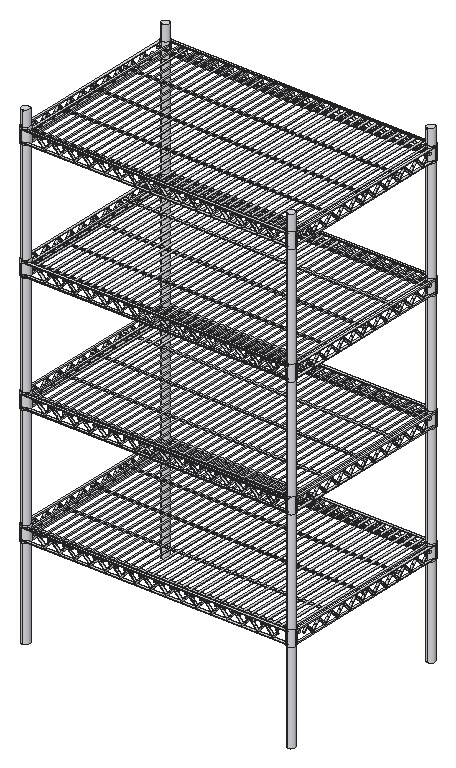
Revit family "Wire_Shelving-Salsbury_Industries-Stationary_Units_36_Wide", category Specialty Equipment, Revit 2016
Family settings
  Part Type = Normal
  Round Connector Dimension = Use Diameter
  OmniClass Number = 23.40.00.00
  OmniClass Title = Equipment and Furnishings
  Work Plane-Based = No
  Always vertical = Yes
  Cut with Voids When Loaded = No
  Shared = No
  Room Calculation Point = No
Parameters (values of type "9534S")
  Width = 36.000"
  Version = "1.0 (07/31/19)"
  URL = "www.lockers.com"
  Type Comments = "Stationary Wire Shelving"
  Shelf 4 = Wire_Shelving-Shelves : 9134
  Shelf 3 = Wire_Shelving-Shelves : 9134
  Shelf 2 = Wire_Shelving-Shelves : 9134
  Shelf 1 = Wire_Shelving-Shelves : 9134
  Primary Material [instance] = Stainless Steel - Salsbury Finish - Chrome Plated
  OmniClass 23 Title = "Equipment and Furnishings"
  OmniClass 23 Number = "23.40.00.00"
  Model = "9534S"
  MasterFormat Title = "Storage Assemblies"
  MasterFormat Number = "10 56 23"
  Manufacturer = "Salsbury Industries"
  Height = 63.000"
  Description = "36\" Wide - 63\" High - 24\" Deep - Certified by the National Sanitation Foundation (NSF)"
  Depth = 24.000"
  Assembly Description = "Shelving"
  Assembly Code = "C1030320"
Types (5): name | Shelf 4 | Shelf 3 | Shelf 2 | Shelf 1 | Model | Height | Description | Depth
  (no name) | Wire_Shelving-Shelves : 9134 | Wire_Shelving-Shelves : 9134 | Wire_Shelving-Shelves : 9134 | Wire_Shelving-Shelves : 9134 | "9534S" | 63.000" | "36\" Wide - 63\" High - 24\" Deep - Certified by the National Sanitation Foundation (NSF)" | 24.000"
  9538S | Wire_Shelving-Shelves : 9138 | Wire_Shelving-Shelves : 9138 | Wire_Shelving-Shelves : 9138 | Wire_Shelving-Shelves : 9138 | "9538S" | 63.000" | "36\" Wide - 63\" High - 18\" Deep - Certified by the National Sanitation Foundation (NSF)" | 18.000"
  9534S | Wire_Shelving-Shelves : 9134 | Wire_Shelving-Shelves : 9134 | Wire_Shelving-Shelves : 9134 | Wire_Shelving-Shelves : 9134 | "9534S" | 63.000" | "36\" Wide - 63\" High - 24\" Deep - Certified by the National Sanitation Foundation (NSF)" | 24.000"
  9634S | Wire_Shelving-Shelves : 9134 | Wire_Shelving-Shelves : 9134 | Wire_Shelving-Shelves : 9134 | Wire_Shelving-Shelves : 9134 | "9634S" | 74.000" | "36\" Wide - 74\" High - 24\" Deep - Certified by the National Sanitation Foundation (NSF)" | 24.000"
  9638S | Wire_Shelving-Shelves : 9138 | Wire_Shelving-Shelves : 9138 | Wire_Shelving-Shelves : 9138 | Wire_Shelving-Shelves : 9138 | "9638S" | 74.000" | "36\" Wide - 74\" High - 18\" Deep - Certified by the National Sanitation Foundation (NSF)" | 18.000"
Reference planes (in)
  plane 1 "Center (Front/Back)": y = 0
  plane 2: z = 0
  plane 3 "Center (Left/Right)": x = 0
  plane 4 "Bottom": z = 0
  plane 5: z = 31.5
  plane 6: z = 63
  plane 7: x = 18
  plane 8: x = -18
  plane 9: y = -12
  plane 10: y = 12
  plane 11 "Shelf 4": z = 14
  plane 12 "Shelf 3": z = 29.66667
  plane 13 "Shelf 2": z = 45.33333
  plane 14 "Shelf 1": z = 61
  plane 15: x = 17.5
  plane 16: x = -17.5
  plane 17: y = 11.5
  plane 18: y = -11.5
  plane 19: x = -17
  plane 20: x = 17
  plane 21: y = -11
  plane 22: y = 11
Forms (in)
  Extrusion 1, solid, material "Stainless Steel - Salsbury Finish - Chrome Plated" <- "Primary Material"
    sketch origin (0, 0, 0) x (0, -1, 0) y (1, 0, 0)
      loop
        circle (-11.5, -17.5) r 0.5
      loop
        circle (11.5, -17.5) r 0.5
      loop
        circle (-11.5, 17.5) r 0.5
      loop
        circle (11.5, 17.5) r 0.5
    from 0 to 63
Lines and regions (in)
  symbolic lines
    curve 1: line (-18, 0, 63) -> (-17, 0, 63)
    curve 2: line (-18, 0, 0) -> (-18, 0, 63)
    curve 3: line (-17, 0, 0) -> (-18, 0, 0)
    curve 4: line (-17, 0, 63) -> (-17, 0, 0)
    curve 5: line (17, 0, 63) -> (18, 0, 63)
    curve 6: line (17, 0, 0) -> (17, 0, 63)
    curve 7: line (18, 0, 0) -> (17, 0, 0)
    curve 8: line (18, 0, 63) -> (18, 0, 0)
    curve 9: line (0, -12, 63) -> (0, -11, 63)
    curve 10: line (0, -12, 0) -> (0, -12, 63)
    curve 11: line (0, -11, 0) -> (0, -12, 0)
    curve 12: line (0, -11, 63) -> (0, -11, 0)
    curve 13: line (0, 11, 63) -> (0, 12, 63)
    curve 14: line (0, 11, 0) -> (0, 11, 63)
    curve 15: line (0, 12, 0) -> (0, 11, 0)
    curve 16: line (0, 12, 63) -> (0, 12, 0)
Dimensions and locks (in)
  equal spacing: plane 6, plane 5, plane 4 "Bottom"
  "Height": plane 6 to plane 4 "Bottom"
  equal spacing: plane 9, plane 1 "Center (Front/Back)", plane 10
  "Depth": plane 9 to plane 10
  equal spacing: plane 8, plane 3 "Center (Left/Right)", plane 7
  "Width": plane 8 to plane 7
  plane 8 to plane 16 = 0.500"
  plane 15 to plane 7 = 0.500"
  plane 17 to plane 10 = 0.500"
  plane 9 to plane 18 = 0.500"
  equal spacing: plane 14 "Shelf 1", plane 13 "Shelf 2", plane 12 "Shelf 3", plane 11 "Shelf 4"
  locked: plane 6 to plane 14 "Shelf 1" at 2
  locked: plane 11 "Shelf 4" to plane 4 "Bottom" at 14
  locked: plane 19 to plane 8 at 1
  locked: plane 20 to plane 7 at 1
  locked: plane 9 to plane 21 at 1
  locked: plane 22 to plane 10 at 1
  aligned and locked: level to plane 2
  aligned and locked: plane 4 "Bottom" to plane 2
  aligned and locked: plane 17 to Extrusion 1 sketch curve  (x2)
  aligned and locked: plane 16 to Extrusion 1 sketch curve  (x2)
  aligned and locked: plane 18 to Extrusion 1 sketch curve  (x2)
  aligned and locked: plane 15 to Extrusion 1 sketch curve  (x2)
  aligned and locked: plane 4 "Bottom" to Extrusion 1
  aligned and locked: Extrusion 1 to plane 6
  aligned and locked: plane 16 to nested 1
  aligned and locked: plane 18 to nested 1
  aligned and locked: plane 11 "Shelf 4" to nested 1
  aligned and locked: plane 18 to nested 2
  aligned and locked: plane 16 to nested 2
  aligned and locked: plane 12 "Shelf 3" to nested 2
  aligned and locked: plane 16 to nested 4
  aligned and locked: plane 18 to nested 4
  aligned and locked: plane 16 to nested 3
  aligned and locked: plane 18 to nested 3
  aligned and locked: plane 13 "Shelf 2" to nested 3
  aligned and locked: plane 14 "Shelf 1" to nested 4
  aligned and locked: curve 3 to plane 4 "Bottom"
  aligned and locked: curve 2 to plane 8
  aligned and locked: plane 6 to curve 1
  aligned and locked: curve 4 to plane 19
  aligned and locked: curve 7 to plane 4 "Bottom"
  aligned and locked: plane 20 to curve 6
  aligned and locked: plane 7 to curve 8
  aligned and locked: plane 6 to curve 5
  aligned and locked: curve 11 to plane 4 "Bottom"
  aligned and locked: curve 12 to plane 21
  aligned and locked: curve 10 to plane 9
  aligned and locked: plane 6 to curve 9
  aligned and locked: plane 6 to curve 13
  aligned and locked: plane 22 to curve 14
  aligned and locked: plane 10 to curve 16
  aligned and locked: curve 15 to plane 4 "Bottom"
Automatic sketch dimensions
  radius of Extrusion 1 sketch curve = 0.500"  (x4)
Nested families (in)
  nested 1: "Wire_Shelving-Shelves" at (0, 0, 12), type <- "Shelf 4", type "9134"
  nested 2: "Wire_Shelving-Shelves" at (0, 0, 27.66667), type <- "Shelf 3", type "9134"
  nested 3: "Wire_Shelving-Shelves" at (0, 0, 43.33333), type <- "Shelf 2", type "9134"
  nested 4: "Wire_Shelving-Shelves" at (0, 0, 59), type <- "Shelf 1", type "9134"
Definition of nested family "Wire_Shelving-Shelves"
  Parameters (values of type "9154")
    Wire Support Array = 5
    Wire Platform Support Spacing = 5.403"
    Wire Platform Spacing = 1.003"
    Wire Platform Array - Long Edge = 57
    Wire Pattern Spacing = 2.00818"
    Wire Pattern Offset = 3.500"
    Wire Pattern Array - Short Edge = 10
    Wire Pattern Array - Long Edge = 28
    Wire Bar Depth = Depth + 0.158"  # 24.158"
    Width = 60.000"
    Type Comments = "Shelf for Wire Shelving"
    Primary Material = none
    Model = "9154"
    Manufacturer = "Salsbury Industries"
    Height = 2.000"
    Description = "60\" Wide - 24\" Deep"
    Depth = 24.000"
  Types (6): name | Wire Support Array | Wire Platform Support Spacing | Wire Platform Array - Long Edge | Wire Pattern Array - Short Edge | Wire Pattern Array - Long Edge | Wire Bar Depth | Width | Model | Description | Depth
    9154 | 5 | 5.403" | 57 | 10 | 28 | 24.158" | 60.000" | "9154" | "60\" Wide - 24\" Deep" | 24.000"
    9144 | 5 | 5.403" | 45 | 10 | 22 | 24.158" | 48.000" | "9144" | "48\" Wide - 24\" Deep" | 24.000"
    9134 | 5 | 5.403" | 33 | 10 | 16 | 24.158" | 36.000" | "9134" | "36\" Wide - 24\" Deep" | 24.000"
    9138 | 4 | 5.205" | 33 | 7 | 16 | 18.158" | 36.000" | "9138" | "36\" Wide - 18\" Deep" | 18.000"
    9148 | 4 | 5.205" | 45 | 7 | 22 | 18.158" | 48.000" | "9148" | "48\" Wide - 18\" Deep" | 18.000"
    9158 | 4 | 5.205" | 57 | 7 | 28 | 18.158" | 60.000" | "9158" | "60\" Wide - 18\" Deep" | 18.000"
  Reference planes (in)
    plane 1 "Center (Front/Back)": y = 0
    plane 2: z = 0
    plane 3 "Center (Left/Right)": x = 0
    plane 4 "Bottom": z = 0
    plane 5: z = 1
    plane 6: z = 2
    plane 7: x = 30
    plane 8: x = -30
    plane 9: y = -12
    plane 10: y = 12
    plane 11: x = 29.5
    plane 12: x = -29.5
    plane 13: y = 11.5
    plane 14: y = -11.5
    plane 15: y = -12.079
    plane 16: y = 12.079
    plane 17: x = -30.079
    plane 18: x = 30.079
    plane 19 "Frame - upper": z = 1.775
    plane 20 "Frame-lower": z = 0.225
    plane 21: y = 11.966
    plane 22: y = -11.966
    plane 23: x = 29.966
    plane 24: x = -29.966
    plane 25: y = 11.853
    plane 26: x = 29.70546
    plane 27: x = 29.853
    plane 28: x = -29.853
    plane 29: y = -11.853
    plane 30: z = 1.662
    plane 31: z = 0.338
    plane 32: x = -26.579
    plane 33: x = -24.57082
    plane 34: y = -8.579
    plane 35: y = -6.57082
    plane 36: x = -28.04134
    plane 37: x = -27.03834
    plane 38: x = -29.034
    plane 39: z = 1.54896
    plane 40: x = 29.03397
    plane 41: y = -10.80869
    plane 42: z = 1.32294
    plane 43: y = 10.809
    plane 44: y = -5.40569
    plane 45: y = 10.921
    plane 46: y = -10.921
    plane 47: z = 0.11134
    plane 48: z = 1.889
    plane 49: x = -28.921
    plane 50: x = 28.921
    plane 51: x = 29.14697
    plane 52: x = -29.147
  Forms (in)
    Extrusion 1, solid, material <- "Primary Material"
      sketch origin (0, 0, 0) x (0, -1, 0) y (1, 0, 0)
        loop
          circle (-11.5, -29.5) r 0.5
        loop
          circle (11.5, -29.5) r 0.5
        loop
          circle (-11.5, 29.5) r 0.5
        loop
          circle (11.5, 29.5) r 0.5
        loop
          circle (-11.5, 29.5) r 0.579
        loop
          circle (11.5, 29.5) r 0.579
        loop
          circle (-11.5, -29.5) r 0.579
        loop
          circle (11.5, -29.5) r 0.579
      from 0 to 2
    Extrusion 2, solid, material <- "Primary Material"
      sketch origin (0, 0.03743, 0) x (0, 1, 0) y (0, 0, 1)
        loop
          circle (11.92857, 1.775) r 0.113
        loop
          circle (11.92857, 0.225) r 0.113
        loop
          circle (-12.00343, 1.775) r 0.113
        loop
          circle (-12.00343, 0.225) r 0.113
      from -29.5 to 29.5
    Extrusion 3, solid, material <- "Primary Material"
      sketch origin (0, 0, 0) x (1, 0, 0) y (0, 0, 1)
        loop
          circle (-29.966, 1.775) r 0.113
        loop
          circle (-29.966, 0.225) r 0.113
        loop
          circle (29.966, 1.775) r 0.113
        loop
          circle (29.966, 0.225) r 0.113
      from -11.5 to 11.5
    Extrusion 4, solid, material <- "Primary Material"
      sketch origin (-0.13766, 0, -0.02103) x (1, 0, 0) y (0, 0, 1)
        loop
          circle (-28.89634, 1.56999) r 0.113
      from -11.5 to 11.5
    Extrusion 5, solid, material <- "Primary Material"
      sketch origin (0.13766, 0, -0.02103) x (-1, 0, 0) y (0, 0, -1)
        loop
          circle (-28.89631, -1.56999) r 0.113
      from -11.5 to 11.5
    Extrusion 6, void
      sketch origin (0, 0, 0) x (0, -1, 0) y (1, 0, 0)
        loop
          circle (-11.5, -29.5) r 0.5
        loop
          circle (11.5, -29.5) r 0.5
        loop
          circle (-11.5, 29.5) r 0.5
        loop
          circle (11.5, 29.5) r 0.5
      from 0 to 2
  Cuts and joins
    Extrusion 6 cuts Extrusion 1
    Extrusion 6 cuts Extrusion 2
    Extrusion 6 cuts Extrusion 3
    Extrusion 6 cuts Extrusion 4
    Extrusion 6 cuts Extrusion 5
  Lines and regions (in)
    symbolic lines
      curve 1: circle (-29.5, 11.5, 0) r 0.579 normal (0, 0, -1)
      curve 2: circle (-29.5, -11.5, 0) r 0.579 normal (0, 0, -1)
      curve 3: circle (29.5, -11.5, 0) r 0.579 normal (0, 0, -1)
      curve 4: circle (29.5, 11.5, 0) r 0.579 normal (0, 0, -1)
      curve 5: line (29.5, 12.079, 0) -> (-29.5, 12.079, 0)
      curve 6: line (29.03397, 11.853, 0) -> (-29.034, 11.853, 0)
      curve 7: line (29.5, -12.079, 0) -> (-29.5, -12.079, 0)
      curve 8: line (29.03397, -11.853, 0) -> (-29.034, -11.853, 0)
      curve 9: line (30.079, -11.5, 0) -> (30.079, 11.5, 0)
      curve 10: line (29.853, -10.80869, 0) -> (29.853, 10.809, 0)
      curve 11: line (-30.079, -11.5, 0) -> (-30.079, 11.5, 0)
      curve 12: line (-29.853, -10.80869, 0) -> (-29.853, 10.809, 0)
      curve 13: line (0, 10.921, 2) -> (0, 12.079, 2)
      curve 14: line (0, 10.921, 0) -> (0, 10.921, 2)
      curve 15: line (0, 12.079, 0) -> (0, 10.921, 0)
      curve 16: line (0, 12.079, 2) -> (0, 12.079, 0)
      curve 17: line (0, -12.079, 2) -> (0, -10.921, 2)
      curve 18: line (0, -12.079, 0) -> (0, -12.079, 2)
      curve 19: line (0, -10.921, 0) -> (0, -12.079, 0)
      curve 20: line (0, -10.921, 2) -> (0, -10.921, 0)
      curve 21: line (0, -10.921, 0.11134) -> (0, 10.921, 0.11134)
      curve 22: line (0, 10.921, 0.338) -> (0, -10.921, 0.338)
      curve 23: line (0, 10.921, 1.889) -> (0, -10.921, 1.889)
      curve 24: line (0, 10.921, 1.662) -> (0, -10.921, 1.662)
      curve 25: line (-30.079, 0, 2) -> (-28.921, 0, 2)
      curve 26: line (-30.079, 0, 0) -> (-30.079, 0, 2)
      curve 27: line (-28.921, 0, 0) -> (-30.079, 0, 0)
      curve 28: line (-28.921, 0, 2) -> (-28.921, 0, 0)
      curve 29: line (28.921, 0, 2) -> (30.079, 0, 2)
      curve 30: line (28.921, 0, 0) -> (28.921, 0, 2)
      curve 31: line (30.079, 0, 0) -> (28.921, 0, 0)
      curve 32: line (30.079, 0, 2) -> (30.079, 0, 0)
      curve 33: line (28.921, 0, 1.889) -> (-28.921, 0, 1.889)
      curve 34: line (28.921, 0, 1.662) -> (-28.921, 0, 1.662)
      curve 35: line (28.921, 0, 0.338) -> (-28.921, 0, 0.338)
      curve 36: line (28.921, 0, 0.11134) -> (-28.921, 0, 0.11134)
      curve 39: line (29.14697, 10.921, 0) -> (29.14697, -10.921, 0)
      curve 40: line (28.921, -11.5, 0) -> (28.921, 11.5, 0)
      curve 41: line (-29.147, -10.921, 0) -> (-29.147, 10.921, 0)
      curve 42: line (-28.921, -11.5, 0) -> (-28.921, 11.5, 0)
    reference lines
      curve 37: line (-30, -11.5, 0) -> (-29, -11.5, 0)
      curve 38: line (-29.5, -11, 0) -> (-29.5, -12, 0)
  Dimensions and locks (in)
    equal spacing: plane 6, plane 5, plane 4 "Bottom"
    "Height": plane 6 to plane 4 "Bottom"
    equal spacing: plane 9, plane 1 "Center (Front/Back)", plane 10
    "Depth": plane 9 to plane 10
    equal spacing: plane 8, plane 3 "Center (Left/Right)", plane 7
    "Width": plane 8 to plane 7
    locked: plane 8 to plane 12 at 0.5
    locked: plane 11 to plane 7 at 0.5
    locked: plane 13 to plane 10 at 0.5
    locked: plane 9 to plane 14 at 0.5
    locked: plane 10 to plane 16 at 0.079
    locked: plane 15 to plane 9 at 0.079
    locked: plane 17 to plane 8 at 0.079
    locked: plane 7 to plane 18 at 0.079
    locked: plane 20 "Frame-lower" to plane 4 "Bottom" at 0.225
    locked: plane 6 to plane 19 "Frame - upper" at 0.225
    locked: plane 21 to plane 10 at 0.034
    locked: plane 9 to plane 22 at 0.034
    locked: plane 23 to plane 7 at 0.034
    locked: plane 8 to plane 24 at 0.034
    locked: plane 16 to plane 25 at 0.226
    locked: plane 27 to plane 18 at 0.226
    locked: plane 17 to plane 28 at 0.226
    locked: plane 15 to plane 29 at 0.226
    locked: plane 6 to plane 30 at 0.338
    locked: plane 31 to plane 4 "Bottom" at 0.338
    "Wire Pattern Offset": plane 17 to plane 32
    equal spacing: group 1, group 2, group 3, group 4, group 5, group 6, group 7, group 8, group 9, group 10, group 11, group 12, group 13, group 14, group 15, group 16, group 84, group 85, group 86, group 87, group 88, group 89, group 108, group 109, group 110, group 111, group 112, group 113  (x3)
    "Wire Pattern Spacing": plane 32 to plane 33
    equal spacing: group 17, group 18, group 19, group 20, group 21, group 22, group 23, group 24, group 25, group 26, group 27, group 28, group 29, group 30, group 31, group 32, group 90, group 91, group 92, group 93, group 94, group 95, group 114, group 115, group 116, group 117, group 118, group 119  (x3)
    "Wire Pattern Offset": plane 15 to plane 34
    "Wire Pattern Spacing": plane 34 to plane 35
    equal spacing: group 33, group 34, group 35, group 39, group 40, group 41, group 42, group 132, group 133, group 134  (x3)
    equal spacing: group 36, group 37, group 38, group 43, group 44, group 45, group 46, group 135, group 136, group 137  (x3)
    locked: plane 36 to plane 17 at 2.03766
    "Wire Platform Spacing": plane 37 to plane 36
    equal spacing: group 47, group 48, group 49, group 50, group 51, group 52, group 53, group 54, group 55, group 56, group 57, group 58, group 59, group 60, group 61, group 62, group 63, group 64, group 65, group 66, group 67, group 68, group 69, group 70, group 71, group 72, group 73, group 74, group 75, group 76, group 77, group 78, group 79, group 96, group 97, group 98, group 99, group 100, group 101, group 102, group 103, group 104, group 105, group 106, group 107, group 120, group 121, group 122, group 123, group 124, group 125, group 126, group 127, group 128, group 129, group 130, group 131  (x3)
    locked: plane 6 to plane 39 at 0.45104
    locked: plane 17 to plane 38 at 1.045
    locked: plane 40 to plane 18 at 1.04503
    locked: plane 42 to plane 6 at 0.67706
    locked: plane 15 to plane 41 at 1.27031
    plane 43 to plane 16 = 1.270"
    equal spacing: group 80, group 81, group 82, group 83, group 138  (x3)
    "Wire Platform Support Spacing": plane 41 to plane 44
    locked: plane 45 to plane 16 at 1.158
    locked: plane 15 to plane 46 at 1.158
    locked: plane 4 "Bottom" to plane 47 at 0.11134
    locked: plane 48 to plane 6 at 0.111
    locked: plane 49 to plane 38 at 0.113
    locked: plane 40 to plane 50 at 0.11297
    locked: plane 50 to plane 51 at 0.22597
    locked: plane 52 to plane 49 at 0.226
    aligned and locked: level to plane 2
    aligned and locked: plane 4 "Bottom" to plane 2
    aligned and locked: plane 13 to Extrusion 1 sketch curve  (x4)
    aligned and locked: plane 12 to Extrusion 1 sketch curve  (x4)
    aligned and locked: plane 14 to Extrusion 1 sketch curve  (x4)
    aligned and locked: plane 11 to Extrusion 1 sketch curve  (x4)
    aligned and locked: plane 4 "Bottom" to Extrusion 1
    aligned and locked: Extrusion 1 to plane 6
    aligned and locked: plane 19 "Frame - upper" to Extrusion 2 sketch curve  (x2)
    aligned and locked: Extrusion 2 to plane 11
    aligned and locked: plane 12 to Extrusion 2
    aligned and locked: plane 21 to Extrusion 2 sketch curve  (x2)
    aligned and locked: plane 20 "Frame-lower" to Extrusion 2 sketch curve  (x2)
    aligned and locked: plane 22 to Extrusion 2 sketch curve  (x2)
    aligned and locked: plane 24 to Extrusion 3 sketch curve  (x2)
    aligned and locked: plane 20 "Frame-lower" to Extrusion 3 sketch curve  (x2)
    aligned and locked: plane 19 "Frame - upper" to Extrusion 3 sketch curve  (x2)
    aligned and locked: plane 23 to Extrusion 3 sketch curve  (x2)
    aligned and locked: plane 14 to Extrusion 3
    aligned and locked: Extrusion 3 to plane 13
    aligned and locked: nested 1 to plane 30
    aligned and locked: plane 22 to nested 1
    aligned and locked: nested 1 to plane 32
    aligned and locked: plane 22 to nested 2
    aligned and locked: nested 2 to plane 30
    aligned and locked: nested 2 to plane 33
    aligned and locked: nested 17 to plane 32
    aligned and locked: nested 18 to plane 33
    aligned and locked: nested 17 to plane 30
    aligned and locked: nested 18 to plane 30
    aligned and locked: plane 21 to nested 17
    aligned and locked: plane 21 to nested 18
    aligned and locked: nested 33 to plane 23
    aligned and locked: nested 33 to plane 34
    aligned and locked: nested 33 to plane 30
    aligned and locked: nested 34 to plane 23
    aligned and locked: nested 34 to plane 30
    aligned and locked: nested 34 to plane 35
    aligned and locked: nested 36 to plane 34
    aligned and locked: nested 37 to plane 35
    aligned and locked: nested 36 to plane 30
    aligned and locked: nested 37 to plane 30
    aligned and locked: nested 36 to plane 24
    aligned and locked: nested 37 to plane 24
    aligned and locked: plane 36 to nested 47
    aligned and locked: nested 47 to plane 30
    aligned and locked: plane 15 to nested 47
    aligned and locked: nested 48 to plane 30
    aligned and locked: plane 37 to nested 48
    aligned and locked: plane 15 to nested 48
    aligned and locked: plane 38 to Extrusion 4 sketch curve
    aligned and locked: plane 39 to Extrusion 4 sketch curve
    aligned and locked: plane 40 to Extrusion 5 sketch curve
    aligned and locked: plane 39 to Extrusion 5 sketch curve
    aligned and locked: Extrusion 4 to plane 13
    aligned and locked: plane 14 to Extrusion 4
    aligned and locked: Extrusion 5 to plane 13
    aligned and locked: plane 14 to Extrusion 5
    aligned and locked: plane 42 to nested 80
    aligned and locked: plane 41 to nested 80
    aligned and locked: nested 81 to plane 44
    aligned and locked: plane 42 to nested 81
    aligned and locked: plane 8 to nested 80
    aligned and locked: plane 8 to nested 81
    aligned and locked: plane 13 to Extrusion 6 sketch curve  (x2)
    aligned and locked: plane 12 to Extrusion 6 sketch curve  (x2)
    aligned and locked: plane 14 to Extrusion 6 sketch curve  (x2)
    aligned and locked: plane 11 to Extrusion 6 sketch curve  (x2)
    aligned and locked: Extrusion 6 to level
    aligned and locked: plane 11 to curve 5
    aligned and locked: plane 12 to curve 5
    aligned and locked: plane 40 to curve 6
    aligned and locked: plane 38 to curve 6
    aligned and locked: plane 25 to curve 6
    aligned and locked: curve 5 to plane 16
    aligned and locked: plane 11 to curve 7
    aligned and locked: plane 12 to curve 7
    aligned and locked: plane 40 to curve 8
    aligned and locked: plane 38 to curve 8
    aligned and locked: curve 8 to plane 29
    aligned and locked: curve 7 to plane 15
    aligned and locked: plane 14 to curve 9
    aligned and locked: plane 13 to curve 9
    aligned and locked: plane 41 to curve 10
    aligned and locked: plane 43 to curve 10
    aligned and locked: plane 27 to curve 10
    aligned and locked: curve 9 to plane 18
    aligned and locked: plane 14 to curve 11
    aligned and locked: plane 13 to curve 11
    aligned and locked: plane 41 to curve 12
    aligned and locked: plane 43 to curve 12
    aligned and locked: curve 11 to plane 17
    aligned and locked: plane 28 to curve 12
    aligned and locked: plane 45 to curve 14
    aligned and locked: plane 16 to curve 16
    aligned and locked: plane 6 to curve 13
    aligned and locked: curve 15 to plane 4 "Bottom"
    aligned and locked: curve 20 to plane 46
    aligned and locked: curve 18 to plane 15
    aligned and locked: plane 6 to curve 17
    aligned and locked: curve 19 to plane 4 "Bottom"
    aligned and locked: plane 46 to curve 21
    aligned and locked: plane 45 to curve 21
    aligned and locked: curve 21 to plane 47
    aligned and locked: plane 31 to curve 22
    aligned and locked: plane 45 to curve 23
    aligned and locked: curve 23 to plane 48
    aligned and locked: plane 46 to curve 24
    aligned and locked: plane 30 to curve 24
    aligned and locked: curve 28 to plane 49
    aligned and locked: curve 26 to plane 17
    aligned and locked: plane 6 to curve 25
    aligned and locked: curve 27 to plane 4 "Bottom"
    aligned and locked: plane 6 to curve 29
    aligned and locked: curve 31 to plane 4 "Bottom"
    aligned and locked: plane 18 to curve 32
    aligned and locked: plane 49 to curve 36
    aligned and locked: plane 49 to curve 35
    aligned and locked: plane 50 to curve 35
    aligned and locked: plane 31 to curve 35
    aligned and locked: plane 50 to curve 36
    aligned and locked: curve 36 to plane 47
    aligned and locked: plane 30 to curve 34
    aligned and locked: plane 50 to curve 33
    aligned and locked: curve 33 to plane 48
    aligned and locked: plane 14 to curve 37
    aligned and locked: plane 12 to curve 38
    aligned and locked: plane 45 to curve 39
    aligned and locked: plane 46 to curve 39
    aligned and locked: curve 39 to plane 51
    aligned and locked: plane 14 to curve 40
    aligned and locked: plane 13 to curve 40
    aligned and locked: plane 50 to curve 40
    aligned and locked: plane 46 to curve 41
    aligned and locked: plane 45 to curve 41
    aligned and locked: plane 52 to curve 41
    aligned and locked: plane 14 to curve 42
    aligned and locked: plane 13 to curve 42
    aligned and locked: plane 49 to curve 42
  Automatic sketch dimensions
    plane 9 to curve 38 = 0.000"
    curve 37 to plane 8 = 0.000"
    curve 38 to plane 46 = 0.079"
    plane 38 to curve 37 = 0.034"
    radius of Extrusion 1 sketch curve = 0.500"  (x4)
    radius of Extrusion 1 sketch curve = 0.579"  (x4)
    radius of Extrusion 2 sketch curve = 0.113"  (x4)
    radius of Extrusion 3 sketch curve = 0.113"  (x4)
    radius of Extrusion 4 sketch curve = 0.113"
    radius of Extrusion 5 sketch curve = 0.113"
    radius of Extrusion 6 sketch curve = 0.500"  (x4)
  Nested families (in)
    nested 1: "Wire Pattern" at (-26.579, -11.966, 0.338), Wire Material <- "Primary Material", type "Wire Pattern"
      with Wire Material none
    nested 2: "Wire Pattern" at (-24.57082, -11.966, 0.338), Wire Material <- "Primary Material", type "Wire Pattern"
      with Wire Material none
    nested 3: "Wire Pattern" at (-22.56263, -11.966, 0.338), Wire Material <- "Primary Material", type "Wire Pattern"
      with Wire Material none
    nested 4: "Wire Pattern" at (-20.55445, -11.966, 0.338), Wire Material <- "Primary Material", type "Wire Pattern"
      with Wire Material none
    nested 5: "Wire Pattern" at (-18.54627, -11.966, 0.338), Wire Material <- "Primary Material", type "Wire Pattern"
      with Wire Material none
    nested 6: "Wire Pattern" at (-16.53808, -11.966, 0.338), Wire Material <- "Primary Material", type "Wire Pattern"
      with Wire Material none
    nested 7: "Wire Pattern" at (-14.5299, -11.966, 0.338), Wire Material <- "Primary Material", type "Wire Pattern"
      with Wire Material none
    nested 8: "Wire Pattern" at (-12.52172, -11.966, 0.338), Wire Material <- "Primary Material", type "Wire Pattern"
      with Wire Material none
    nested 9: "Wire Pattern" at (-10.51353, -11.966, 0.338), Wire Material <- "Primary Material", type "Wire Pattern"
      with Wire Material none
    nested 10: "Wire Pattern" at (-8.50535, -11.966, 0.338), Wire Material <- "Primary Material", type "Wire Pattern"
      with Wire Material none
    nested 11: "Wire Pattern" at (-6.49717, -11.966, 0.338), Wire Material <- "Primary Material", type "Wire Pattern"
      with Wire Material none
    nested 12: "Wire Pattern" at (-4.48898, -11.966, 0.338), Wire Material <- "Primary Material", type "Wire Pattern"
      with Wire Material none
    nested 13: "Wire Pattern" at (-2.4808, -11.966, 0.338), Wire Material <- "Primary Material", type "Wire Pattern"
      with Wire Material none
    nested 14: "Wire Pattern" at (-0.47262, -11.966, 0.338), Wire Material <- "Primary Material", type "Wire Pattern"
      with Wire Material none
    nested 15: "Wire Pattern" at (1.53557, -11.966, 0.338), Wire Material <- "Primary Material", type "Wire Pattern"
      with Wire Material none
    nested 16: "Wire Pattern" at (3.54375, -11.966, 0.338), Wire Material <- "Primary Material", type "Wire Pattern"
      with Wire Material none
    nested 17: "Wire Pattern" at (-26.579, 11.966, 0.338), Wire Material <- "Primary Material", type "Wire Pattern"
      with Wire Material none
    nested 18: "Wire Pattern" at (-24.57082, 11.966, 0.338), Wire Material <- "Primary Material", type "Wire Pattern"
      with Wire Material none
    nested 19: "Wire Pattern" at (-22.56263, 11.966, 0.338), Wire Material <- "Primary Material", type "Wire Pattern"
      with Wire Material none
    nested 20: "Wire Pattern" at (-20.55445, 11.966, 0.338), Wire Material <- "Primary Material", type "Wire Pattern"
      with Wire Material none
    nested 21: "Wire Pattern" at (-18.54627, 11.966, 0.338), Wire Material <- "Primary Material", type "Wire Pattern"
      with Wire Material none
    nested 22: "Wire Pattern" at (-16.53808, 11.966, 0.338), Wire Material <- "Primary Material", type "Wire Pattern"
      with Wire Material none
    nested 23: "Wire Pattern" at (-14.5299, 11.966, 0.338), Wire Material <- "Primary Material", type "Wire Pattern"
      with Wire Material none
    nested 24: "Wire Pattern" at (-12.52172, 11.966, 0.338), Wire Material <- "Primary Material", type "Wire Pattern"
      with Wire Material none
    nested 25: "Wire Pattern" at (-10.51353, 11.966, 0.338), Wire Material <- "Primary Material", type "Wire Pattern"
      with Wire Material none
    nested 26: "Wire Pattern" at (-8.50535, 11.966, 0.338), Wire Material <- "Primary Material", type "Wire Pattern"
      with Wire Material none
    nested 27: "Wire Pattern" at (-6.49717, 11.966, 0.338), Wire Material <- "Primary Material", type "Wire Pattern"
      with Wire Material none
    nested 28: "Wire Pattern" at (-4.48898, 11.966, 0.338), Wire Material <- "Primary Material", type "Wire Pattern"
      with Wire Material none
    nested 29: "Wire Pattern" at (-2.4808, 11.966, 0.338), Wire Material <- "Primary Material", type "Wire Pattern"
      with Wire Material none
    nested 30: "Wire Pattern" at (-0.47262, 11.966, 0.338), Wire Material <- "Primary Material", type "Wire Pattern"
      with Wire Material none
    nested 31: "Wire Pattern" at (1.53557, 11.966, 0.338), Wire Material <- "Primary Material", type "Wire Pattern"
      with Wire Material none
    nested 32: "Wire Pattern" at (3.54375, 11.966, 0.338), Wire Material <- "Primary Material", type "Wire Pattern"
      with Wire Material none
    nested 33: "Wire Pattern" at (29.966, -8.579, 0.338) x (0, 1, 0) z (0, 0, 1), Wire Material <- "Primary Material", type "Wire Pattern"
      with Wire Material none
    nested 34: "Wire Pattern" at (29.966, -6.57082, 0.338) x (0, 1, 0) z (0, 0, 1), Wire Material <- "Primary Material", type "Wire Pattern"
      with Wire Material none
    nested 35: "Wire Pattern" at (29.966, -4.56263, 0.338) x (0, 1, 0) z (0, 0, 1), Wire Material <- "Primary Material", type "Wire Pattern"
      with Wire Material none
    nested 36: "Wire Pattern" at (-29.966, -8.579, 0.338) x (0, 1, 0) z (0, 0, 1), Wire Material <- "Primary Material", type "Wire Pattern"
      with Wire Material none
    nested 37: "Wire Pattern" at (-29.966, -6.57082, 0.338) x (0, 1, 0) z (0, 0, 1), Wire Material <- "Primary Material", type "Wire Pattern"
      with Wire Material none
    nested 38: "Wire Pattern" at (-29.966, -4.56263, 0.338) x (0, 1, 0) z (0, 0, 1), Wire Material <- "Primary Material", type "Wire Pattern"
      with Wire Material none
    nested 39: "Wire Pattern" at (29.966, -2.55445, 0.338) x (0, 1, 0) z (0, 0, 1), Wire Material <- "Primary Material", type "Wire Pattern"
      with Wire Material none
    nested 40: "Wire Pattern" at (29.966, -0.54627, 0.338) x (0, 1, 0) z (0, 0, 1), Wire Material <- "Primary Material", type "Wire Pattern"
      with Wire Material none
    nested 41: "Wire Pattern" at (29.966, 1.46192, 0.338) x (0, 1, 0) z (0, 0, 1), Wire Material <- "Primary Material", type "Wire Pattern"
      with Wire Material none
    nested 42: "Wire Pattern" at (29.966, 3.4701, 0.338) x (0, 1, 0) z (0, 0, 1), Wire Material <- "Primary Material", type "Wire Pattern"
      with Wire Material none
    nested 43: "Wire Pattern" at (-29.966, -2.55445, 0.338) x (0, 1, 0) z (0, 0, 1), Wire Material <- "Primary Material", type "Wire Pattern"
      with Wire Material none
    nested 44: "Wire Pattern" at (-29.966, -0.54627, 0.338) x (0, 1, 0) z (0, 0, 1), Wire Material <- "Primary Material", type "Wire Pattern"
      with Wire Material none
    nested 45: "Wire Pattern" at (-29.966, 1.46192, 0.338) x (0, 1, 0) z (0, 0, 1), Wire Material <- "Primary Material", type "Wire Pattern"
      with Wire Material none
    nested 46: "Wire Pattern" at (-29.966, 3.4701, 0.338) x (0, 1, 0) z (0, 0, 1), Wire Material <- "Primary Material", type "Wire Pattern"
      with Wire Material none
    nested 47: "Wire Bar" at (-28.04134, -1.51629, 1.436) x (0, 1, 0) z (0, 0, 1), type "Wire Bar"
      with Width 24.158"
    nested 48: "Wire Bar" at (-27.03834, -1.51629, 1.436) x (0, 1, 0) z (0, 0, 1), type "Wire Bar"
      with Width 24.158"
    nested 49: "Wire Bar" at (-26.03534, -1.51629, 1.436) x (0, 1, 0) z (0, 0, 1), type "Wire Bar"
      with Width 24.158"
    nested 50: "Wire Bar" at (-25.03234, -1.51629, 1.436) x (0, 1, 0) z (0, 0, 1), type "Wire Bar"
      with Width 24.158"
    nested 51: "Wire Bar" at (-24.02934, -1.51629, 1.436) x (0, 1, 0) z (0, 0, 1), type "Wire Bar"
      with Width 24.158"
    nested 52: "Wire Bar" at (-23.02634, -1.51629, 1.436) x (0, 1, 0) z (0, 0, 1), type "Wire Bar"
      with Width 24.158"
    nested 53: "Wire Bar" at (-22.02334, -1.51629, 1.436) x (0, 1, 0) z (0, 0, 1), type "Wire Bar"
      with Width 24.158"
    nested 54: "Wire Bar" at (-21.02034, -1.51629, 1.436) x (0, 1, 0) z (0, 0, 1), type "Wire Bar"
      with Width 24.158"
    nested 55: "Wire Bar" at (-20.01734, -1.51629, 1.436) x (0, 1, 0) z (0, 0, 1), type "Wire Bar"
      with Width 24.158"
    nested 56: "Wire Bar" at (-19.01434, -1.51629, 1.436) x (0, 1, 0) z (0, 0, 1), type "Wire Bar"
      with Width 24.158"
    nested 57: "Wire Bar" at (-18.01134, -1.51629, 1.436) x (0, 1, 0) z (0, 0, 1), type "Wire Bar"
      with Width 24.158"
    nested 58: "Wire Bar" at (-17.00834, -1.51629, 1.436) x (0, 1, 0) z (0, 0, 1), type "Wire Bar"
      with Width 24.158"
    nested 59: "Wire Bar" at (-16.00534, -1.51629, 1.436) x (0, 1, 0) z (0, 0, 1), type "Wire Bar"
      with Width 24.158"
    nested 60: "Wire Bar" at (-15.00234, -1.51629, 1.436) x (0, 1, 0) z (0, 0, 1), type "Wire Bar"
      with Width 24.158"
    nested 61: "Wire Bar" at (-13.99934, -1.51629, 1.436) x (0, 1, 0) z (0, 0, 1), type "Wire Bar"
      with Width 24.158"
    nested 62: "Wire Bar" at (-12.99634, -1.51629, 1.436) x (0, 1, 0) z (0, 0, 1), type "Wire Bar"
      with Width 24.158"
    nested 63: "Wire Bar" at (-11.99334, -1.51629, 1.436) x (0, 1, 0) z (0, 0, 1), type "Wire Bar"
      with Width 24.158"
    nested 64: "Wire Bar" at (-10.99034, -1.51629, 1.436) x (0, 1, 0) z (0, 0, 1), type "Wire Bar"
      with Width 24.158"
    nested 65: "Wire Bar" at (-9.98734, -1.51629, 1.436) x (0, 1, 0) z (0, 0, 1), type "Wire Bar"
      with Width 24.158"
    nested 66: "Wire Bar" at (-8.98434, -1.51629, 1.436) x (0, 1, 0) z (0, 0, 1), type "Wire Bar"
      with Width 24.158"
    nested 67: "Wire Bar" at (-7.98134, -1.51629, 1.436) x (0, 1, 0) z (0, 0, 1), type "Wire Bar"
      with Width 24.158"
    nested 68: "Wire Bar" at (-6.97834, -1.51629, 1.436) x (0, 1, 0) z (0, 0, 1), type "Wire Bar"
      with Width 24.158"
    nested 69: "Wire Bar" at (-5.97534, -1.51629, 1.436) x (0, 1, 0) z (0, 0, 1), type "Wire Bar"
      with Width 24.158"
    nested 70: "Wire Bar" at (-4.97234, -1.51629, 1.436) x (0, 1, 0) z (0, 0, 1), type "Wire Bar"
      with Width 24.158"
    nested 71: "Wire Bar" at (-3.96934, -1.51629, 1.436) x (0, 1, 0) z (0, 0, 1), type "Wire Bar"
      with Width 24.158"
    nested 72: "Wire Bar" at (-2.96634, -1.51629, 1.436) x (0, 1, 0) z (0, 0, 1), type "Wire Bar"
      with Width 24.158"
    nested 73: "Wire Bar" at (-1.96334, -1.51629, 1.436) x (0, 1, 0) z (0, 0, 1), type "Wire Bar"
      with Width 24.158"
    nested 74: "Wire Bar" at (-0.96034, -1.51629, 1.436) x (0, 1, 0) z (0, 0, 1), type "Wire Bar"
      with Width 24.158"
    nested 75: "Wire Bar" at (0.04266, -1.51629, 1.436) x (0, 1, 0) z (0, 0, 1), type "Wire Bar"
      with Width 24.158"
    nested 76: "Wire Bar" at (1.04566, -1.51629, 1.436) x (0, 1, 0) z (0, 0, 1), type "Wire Bar"
      with Width 24.158"
    nested 77: "Wire Bar" at (2.04866, -1.51629, 1.436) x (0, 1, 0) z (0, 0, 1), type "Wire Bar"
      with Width 24.158"
    nested 78: "Wire Bar" at (3.05166, -1.51629, 1.436) x (0, 1, 0) z (0, 0, 1), type "Wire Bar"
      with Width 24.158"
    nested 79: "Wire Bar" at (4.05466, -1.51629, 1.436) x (0, 1, 0) z (0, 0, 1), type "Wire Bar"
      with Width 24.158"
    nested 80: "Wire Bar_long" at (-19.43729, -10.80869, 1.20994), type "Wire Bar_long"
    nested 81: "Wire Bar_long" at (-19.43729, -5.40569, 1.20994), type "Wire Bar_long"
    nested 82: "Wire Bar_long" at (-19.43729, -0.00269, 1.20994), type "Wire Bar_long"
    nested 83: "Wire Bar_long" at (-19.43729, 5.40031, 1.20994), type "Wire Bar_long"
    nested 84: "Wire Pattern" at (5.55193, -11.966, 0.338), Wire Material <- "Primary Material", type "Wire Pattern"
      with Wire Material none
    nested 85: "Wire Pattern" at (7.56012, -11.966, 0.338), Wire Material <- "Primary Material", type "Wire Pattern"
      with Wire Material none
    nested 86: "Wire Pattern" at (9.5683, -11.966, 0.338), Wire Material <- "Primary Material", type "Wire Pattern"
      with Wire Material none
    nested 87: "Wire Pattern" at (11.57648, -11.966, 0.338), Wire Material <- "Primary Material", type "Wire Pattern"
      with Wire Material none
    nested 88: "Wire Pattern" at (13.58467, -11.966, 0.338), Wire Material <- "Primary Material", type "Wire Pattern"
      with Wire Material none
    nested 89: "Wire Pattern" at (15.59285, -11.966, 0.338), Wire Material <- "Primary Material", type "Wire Pattern"
      with Wire Material none
    nested 90: "Wire Pattern" at (5.55193, 11.966, 0.338), Wire Material <- "Primary Material", type "Wire Pattern"
      with Wire Material none
    nested 91: "Wire Pattern" at (7.56012, 11.966, 0.338), Wire Material <- "Primary Material", type "Wire Pattern"
      with Wire Material none
    nested 92: "Wire Pattern" at (9.5683, 11.966, 0.338), Wire Material <- "Primary Material", type "Wire Pattern"
      with Wire Material none
    nested 93: "Wire Pattern" at (11.57648, 11.966, 0.338), Wire Material <- "Primary Material", type "Wire Pattern"
      with Wire Material none
    nested 94: "Wire Pattern" at (13.58467, 11.966, 0.338), Wire Material <- "Primary Material", type "Wire Pattern"
      with Wire Material none
    nested 95: "Wire Pattern" at (15.59285, 11.966, 0.338), Wire Material <- "Primary Material", type "Wire Pattern"
      with Wire Material none
    nested 96: "Wire Bar" at (5.05766, -1.51629, 1.436) x (0, 1, 0) z (0, 0, 1), type "Wire Bar"
      with Width 24.158"
    nested 97: "Wire Bar" at (6.06066, -1.51629, 1.436) x (0, 1, 0) z (0, 0, 1), type "Wire Bar"
      with Width 24.158"
    nested 98: "Wire Bar" at (7.06366, -1.51629, 1.436) x (0, 1, 0) z (0, 0, 1), type "Wire Bar"
      with Width 24.158"
    nested 99: "Wire Bar" at (8.06666, -1.51629, 1.436) x (0, 1, 0) z (0, 0, 1), type "Wire Bar"
      with Width 24.158"
    nested 100: "Wire Bar" at (9.06966, -1.51629, 1.436) x (0, 1, 0) z (0, 0, 1), type "Wire Bar"
      with Width 24.158"
    nested 101: "Wire Bar" at (10.07266, -1.51629, 1.436) x (0, 1, 0) z (0, 0, 1), type "Wire Bar"
      with Width 24.158"
    nested 102: "Wire Bar" at (11.07566, -1.51629, 1.436) x (0, 1, 0) z (0, 0, 1), type "Wire Bar"
      with Width 24.158"
    nested 103: "Wire Bar" at (12.07866, -1.51629, 1.436) x (0, 1, 0) z (0, 0, 1), type "Wire Bar"
      with Width 24.158"
    nested 104: "Wire Bar" at (13.08166, -1.51629, 1.436) x (0, 1, 0) z (0, 0, 1), type "Wire Bar"
      with Width 24.158"
    nested 105: "Wire Bar" at (14.08466, -1.51629, 1.436) x (0, 1, 0) z (0, 0, 1), type "Wire Bar"
      with Width 24.158"
    nested 106: "Wire Bar" at (15.08766, -1.51629, 1.436) x (0, 1, 0) z (0, 0, 1), type "Wire Bar"
      with Width 24.158"
    nested 107: "Wire Bar" at (16.09066, -1.51629, 1.436) x (0, 1, 0) z (0, 0, 1), type "Wire Bar"
      with Width 24.158"
    nested 108: "Wire Pattern" at (17.60103, -11.966, 0.338), Wire Material <- "Primary Material", type "Wire Pattern"
      with Wire Material none
    nested 109: "Wire Pattern" at (19.60921, -11.966, 0.338), Wire Material <- "Primary Material", type "Wire Pattern"
      with Wire Material none
    nested 110: "Wire Pattern" at (21.6174, -11.966, 0.338), Wire Material <- "Primary Material", type "Wire Pattern"
      with Wire Material none
    nested 111: "Wire Pattern" at (23.62558, -11.966, 0.338), Wire Material <- "Primary Material", type "Wire Pattern"
      with Wire Material none
    nested 112: "Wire Pattern" at (25.63376, -11.966, 0.338), Wire Material <- "Primary Material", type "Wire Pattern"
      with Wire Material none
    nested 113: "Wire Pattern" at (27.64195, -11.966, 0.338), Wire Material <- "Primary Material", type "Wire Pattern"
      with Wire Material none
    nested 114: "Wire Pattern" at (17.60103, 11.966, 0.338), Wire Material <- "Primary Material", type "Wire Pattern"
      with Wire Material none
    nested 115: "Wire Pattern" at (19.60921, 11.966, 0.338), Wire Material <- "Primary Material", type "Wire Pattern"
      with Wire Material none
    nested 116: "Wire Pattern" at (21.6174, 11.966, 0.338), Wire Material <- "Primary Material", type "Wire Pattern"
      with Wire Material none
    nested 117: "Wire Pattern" at (23.62558, 11.966, 0.338), Wire Material <- "Primary Material", type "Wire Pattern"
      with Wire Material none
    nested 118: "Wire Pattern" at (25.63376, 11.966, 0.338), Wire Material <- "Primary Material", type "Wire Pattern"
      with Wire Material none
    nested 119: "Wire Pattern" at (27.64195, 11.966, 0.338), Wire Material <- "Primary Material", type "Wire Pattern"
      with Wire Material none
    nested 120: "Wire Bar" at (17.09366, -1.51629, 1.436) x (0, 1, 0) z (0, 0, 1), type "Wire Bar"
      with Width 24.158"
    nested 121: "Wire Bar" at (18.09666, -1.51629, 1.436) x (0, 1, 0) z (0, 0, 1), type "Wire Bar"
      with Width 24.158"
    nested 122: "Wire Bar" at (19.09966, -1.51629, 1.436) x (0, 1, 0) z (0, 0, 1), type "Wire Bar"
      with Width 24.158"
    nested 123: "Wire Bar" at (20.10266, -1.51629, 1.436) x (0, 1, 0) z (0, 0, 1), type "Wire Bar"
      with Width 24.158"
    nested 124: "Wire Bar" at (21.10566, -1.51629, 1.436) x (0, 1, 0) z (0, 0, 1), type "Wire Bar"
      with Width 24.158"
    nested 125: "Wire Bar" at (22.10866, -1.51629, 1.436) x (0, 1, 0) z (0, 0, 1), type "Wire Bar"
      with Width 24.158"
    nested 126: "Wire Bar" at (23.11166, -1.51629, 1.436) x (0, 1, 0) z (0, 0, 1), type "Wire Bar"
      with Width 24.158"
    nested 127: "Wire Bar" at (24.11466, -1.51629, 1.436) x (0, 1, 0) z (0, 0, 1), type "Wire Bar"
      with Width 24.158"
    nested 128: "Wire Bar" at (25.11766, -1.51629, 1.436) x (0, 1, 0) z (0, 0, 1), type "Wire Bar"
      with Width 24.158"
    nested 129: "Wire Bar" at (26.12066, -1.51629, 1.436) x (0, 1, 0) z (0, 0, 1), type "Wire Bar"
      with Width 24.158"
    nested 130: "Wire Bar" at (27.12366, -1.51629, 1.436) x (0, 1, 0) z (0, 0, 1), type "Wire Bar"
      with Width 24.158"
    nested 131: "Wire Bar" at (28.12666, -1.51629, 1.436) x (0, 1, 0) z (0, 0, 1), type "Wire Bar"
      with Width 24.158"
    nested 132: "Wire Pattern" at (29.966, 5.47828, 0.338) x (0, 1, 0) z (0, 0, 1), Wire Material <- "Primary Material", type "Wire Pattern"
      with Wire Material none
    nested 133: "Wire Pattern" at (29.966, 7.48647, 0.338) x (0, 1, 0) z (0, 0, 1), Wire Material <- "Primary Material", type "Wire Pattern"
      with Wire Material none
    nested 134: "Wire Pattern" at (29.966, 9.49465, 0.338) x (0, 1, 0) z (0, 0, 1), Wire Material <- "Primary Material", type "Wire Pattern"
      with Wire Material none
    nested 135: "Wire Pattern" at (-29.966, 5.47828, 0.338) x (0, 1, 0) z (0, 0, 1), Wire Material <- "Primary Material", type "Wire Pattern"
      with Wire Material none
    nested 136: "Wire Pattern" at (-29.966, 7.48647, 0.338) x (0, 1, 0) z (0, 0, 1), Wire Material <- "Primary Material", type "Wire Pattern"
      with Wire Material none
    nested 137: "Wire Pattern" at (-29.966, 9.49465, 0.338) x (0, 1, 0) z (0, 0, 1), Wire Material <- "Primary Material", type "Wire Pattern"
      with Wire Material none
    nested 138: "Wire Bar_long" at (-19.43729, 10.80331, 1.20994), type "Wire Bar_long"
  Definition of nested family "Wire Pattern"
    Parameters (values of type "Wire Pattern")
      Wire Material [instance] = none
    Reference planes (in)
      plane 1 "Center (Front/Back)": y = 0
      plane 2: z = 0
      plane 3 "Center (Left/Right)": x = 0
      plane 4: z = 1.324
      plane 5: through (-4.24637, -180, -4.24637) normal (-0.7071, 0, 0.7071)
      plane 6: through (4.24637, -180, -4.24637) normal (-0.7071, 0, -0.7071)
      plane 7: through (6.57523, -180, -4.55656) normal (-0.7071, 0, -0.7071)
      plane 8: through (-6.57029, -180, -4.5615) normal (-0.7071, 0, 0.7071)
    Forms (in)
      Extrusion 1, solid, material <- "Wire Material"
        sketch origin (0.85631, 0, -0.85631) x (0, 1, 0) y (-0.707107, 0, 0.707107)
          loop
            circle (0, 1.324) r 0.113
        from 0 to 0.823
      Extrusion 2, solid, material <- "Wire Material"
        sketch origin (-0.85631, 0, -0.85631) x (0, 1, 0) y (-0.707107, 0, -0.707107)
          loop
            circle (0, -1.324) r 0.113
        from 0 to 1.64643
      Extrusion 3, solid, material <- "Wire Material"
        sketch origin (-0.57023, 0, -0.27405) x (0, 1, 0) y (-0.707107, 0, 0.707107)
          loop
            circle (0, 1.324) r 0.113
        from 0 to 0.823
    Lines and regions (in)
      symbolic lines
        curve 1: line (-1.42654, 0, 0.58225) -> (-1.58635, 0, 0.74206)
        curve 2: line (-1.58635, 0, 0.74206) -> (-1.0044, 0, 1.32401)
        curve 3: line (-1.0044, 0, 1.32401) -> (0, 0, 0.31961)
        curve 4: line (0, 0, 0.31961) -> (0.42214, 0, 0.74176)
        curve 5: line (0.42214, 0, 0.74176) -> (0.58195, 0, 0.58195)
        curve 6: line (0.58195, 0, 0.58195) -> (0, 0, 0)
        curve 7: line (0, 0, 0) -> (-1.0044, 0, 1.0044)
        curve 8: line (-1.0044, 0, 1.0044) -> (-1.42654, 0, 0.58225)
    Dimensions and locks (in)
      locked: plane 4 to plane 2 at 1.324
      aligned and locked: level to plane 2
      aligned and locked: curve 1 to Extrusion 3
      aligned and locked: curve 2 to Extrusion 2
      aligned and locked: curve 3 to Extrusion 3
      aligned and locked: curve 5 to Extrusion 1
      aligned and locked: plane 5 to curve 6
      aligned and locked: curve 7 to Extrusion 1
  Definition of nested family "Wire Bar"
    Parameters (values of type "Wire Bar")
      Width = 22.56271"
      Primary Material = none
    Reference planes (in)
      plane 1 "Center (Front/Back)": y = 0
      plane 2: z = 0
      plane 3 "Center (Left/Right)": x = 0
      plane 4: z = 0.226
      plane 5: x = -10.56271
      plane 6: x = 12
      plane 7: y = 0.113
      plane 8: y = -0.113
    Forms (in)
      Extrusion 1, solid, material <- "Primary Material"
        sketch origin (0, 0, 0) x (0, 1, 0) y (0, 0, 1)
          loop
            circle (0, 0.113) r 0.113
        from -10.56271 to 12
    Lines and regions (in)
      symbolic lines
        curve 1: circle (0, 0, 0.113) r 0.113 normal (1, 0, 0)
        curve 2: line (-10.56271, 0.113, 0) -> (12, 0.113, 0)
        curve 3: line (12, -0.113, 0) -> (-10.56271, -0.113, 0)
        curve 4: line (12, -0.113, 0) -> (12, 0.113, 0)
        curve 5: line (-10.56271, -0.113, 0) -> (-10.56271, 0.113, 0)
        curve 6: line (-10.56271, 0, 0.226) -> (12, 0, 0.226)
        curve 7: line (12, 0, 0) -> (-10.56271, 0, 0)
        curve 8: line (-10.56271, 0, 0) -> (-10.56271, 0, 0.226)
        curve 9: line (12, 0, 0) -> (12, 0, 0.226)
    Dimensions and locks (in)
      plane 4 to plane 2 = 0.226"
      "Width": plane 5 to plane 6
      aligned and locked: level to plane 2
      aligned and locked: plane 5 to Extrusion 1
      aligned and locked: plane 6 to Extrusion 1
      aligned and locked: plane 5 to curve 3
      aligned and locked: plane 5 to curve 2
      aligned and locked: plane 6 to curve 2
      aligned and locked: curve 2 to plane 7
      aligned and locked: plane 8 to curve 3
      aligned and locked: curve 4 to Extrusion 1
      aligned and locked: plane 5 to curve 6
      aligned and locked: plane 6 to curve 6
      aligned and locked: plane 6 to curve 7
      aligned and locked: plane 5 to curve 7
      aligned and locked: plane 4 to curve 6
      aligned and locked: plane 2 to curve 7
    Automatic sketch dimensions
      Extrusion 1 sketch curve to plane 1 "Center (Front/Back)" = 0.000"
      level to Extrusion 1 sketch curve = 0.113"
      curve 1 to plane 1 "Center (Front/Back)" = 0.000"
      plane 4 to curve 1 = 0.113"
      radius of Extrusion 1 sketch curve = 0.113"
      radius of curve 1 = 0.113"
  Definition of nested family "Wire Bar_long"
    Parameters (values of type "Wire Bar_long")
      Width = 60.000"
      Primary Material = none
    Reference planes (in)
      plane 1 "Center (Front/Back)": y = 0
      plane 2: z = 0
      plane 3 "Center (Left/Right)": x = 0
      plane 4: z = 0.226
      plane 5: x = -10.56271
      plane 6: x = 49.43729
      plane 7: y = 0.113
      plane 8: y = -0.113
    Forms (in)
      Extrusion 1, solid, material <- "Primary Material"
        sketch origin (0, 0, 0) x (0, 1, 0) y (0, 0, 1)
          loop
            circle (0, 0.113) r 0.113
        from -10.56271 to 49.43729
    Lines and regions (in)
      symbolic lines
        curve 1: line (-10.56271, 0.113, 0) -> (49.43729, 0.113, 0)
        curve 2: line (49.43729, -0.113, 0) -> (-10.56271, -0.113, 0)
        curve 3: line (-10.56271, -0.113, 0) -> (-10.56271, 0.113, 0)
        curve 4: line (49.43729, -0.113, 0) -> (49.43729, 0.113, 0)
        curve 5: line (-10.56271, 0, 0.226) -> (49.43729, 0, 0.226)
        curve 6: line (49.43729, 0, 0) -> (-10.56271, 0, 0)
        curve 7: line (-10.56271, 0, 0) -> (-10.56271, 0, 0.226)
        curve 8: line (49.43729, 0, 0) -> (49.43729, 0, 0.226)
    Dimensions and locks (in)
      plane 4 to plane 2 = 0.226"
      "Width": plane 5 to plane 6
      aligned and locked: level to plane 2
      aligned and locked: plane 5 to Extrusion 1
      aligned and locked: plane 6 to Extrusion 1
      aligned and locked: plane 5 to curve 1
      aligned and locked: plane 6 to curve 1
      aligned and locked: plane 5 to curve 2
      aligned and locked: plane 7 to curve 1
      aligned and locked: curve 2 to plane 8
      aligned and locked: curve 4 to Extrusion 1
      aligned and locked: plane 5 to curve 5
      aligned and locked: plane 6 to curve 5
      aligned and locked: plane 6 to curve 6
      aligned and locked: plane 5 to curve 6
      aligned and locked: plane 4 to curve 5
      aligned and locked: plane 2 to curve 6
    Automatic sketch dimensions
      Extrusion 1 sketch curve to plane 1 "Center (Front/Back)" = 0.000"
      level to Extrusion 1 sketch curve = 0.113"
      radius of Extrusion 1 sketch curve = 0.113"
